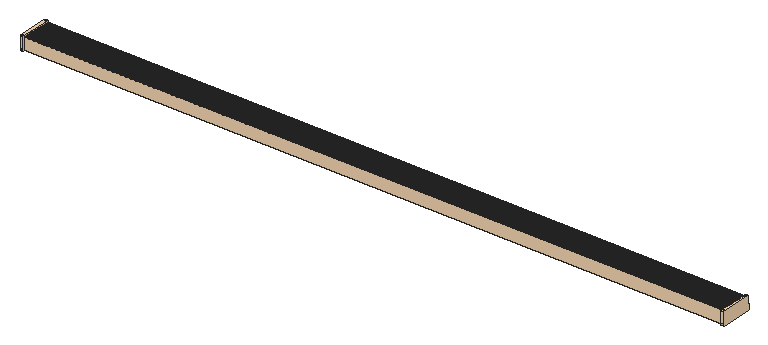
Revit family "Shower-Drain_Cover-KOHLER-Tile-In-K-80649_1", category Specialty Equipment, host Face, Revit 2017
Family settings
  Host = Face
  Round Connector Dimension = Use Diameter
  Part Type = Normal
  OmniClass Number = 23.31.25.00
  Cut with Voids When Loaded = No
  Shared = No
  Room Calculation Point = No
Parameters (values of type "2MB-Vibrant Brushed Moderne Brass")
  Width = 60"  # constant formula
  WaterSense Certified = 1 = 0  # no
  URL = "https://www.us.kohler.com/us/"
  Type = 1
  Product Page URL = "http://www.us.kohler.com/us/catalog/productDetails.jsp?productId=80649"
  Product Name = "TILE-IN"  # constant formula
  Product Documentation Link = "https://www.us.kohler.com/webassets/kpna/catalog/pdf/en/K-80649_spec_US-CA_Kohler_en.pdf"
  Model = if(Type = 1, "K-80649-2MB", if(Type = 2, "K-80649-BL", if(Type = 3, "K-80649-BNK", if(Type = 4, "K-80649-SH", "NA"))))  # "K-80649-2MB"
  Material = "Aluminum"  # constant formula
  Master Format 2014 Name = "Toilet, Bath, and Laundry Accessories"  # constant formula
  Master Format 2014 = "10 28 00"  # constant formula
  Manufacturer Address = "KOHLER Co. 444 Highland Dr. Kohler, WI 53044"  # constant formula
  Manufacturer = "KOHLER Co."  # constant formula
  Length = 2 9/16"  # constant formula
  Height = 1 1/8"  # constant formula
  Finish = Kohler-Metal-2MB-Vibrant_Brushed_Moderne_Brass
  Environmental Product Declaration = ""
  Description = "60 INCH TILE IN MEDIUM LINEAR DRAIN GRID"  # constant formula
  Default Elevation = 0"
  Declare Label = ""
  Date Modified = "04/14/2021"  # constant formula
  Date Created = "04/14/2021"  # constant formula
  Copyright = "Copyright KOHLER Co."  # constant formula
  Contact Us = "https://www.us.kohler.com/us/static/contact.jsp"
  Assembly Code = "C1030200"
  ADA Compliant = 1 = 0  # no
Types (5): name | Type | Model | Finish
  (no name) | 1 | "K-80649-2MB" | Kohler-Metal-2MB-Vibrant_Brushed_Moderne_Brass
  2MB-Vibrant Brushed Moderne Brass | 1 | "K-80649-2MB" | Kohler-Metal-2MB-Vibrant_Brushed_Moderne_Brass
  BL-Matte Black | 2 | "K-80649-BL" | Kohler-Metal-BL-Matte_Black
  BNK-Anodized Brushed Nickel | 3 | "K-80649-BNK" | Kohler-Metal-BNK-Anodized_Brushed_Nickel
  SH-Bright Silver | 4 | "K-80649-SH" | Kohler-Metal-SH-Bright_Silver
Reference planes (in)
  plane 1 "Center (Front/Back)": y = 0
  plane 2: z = 0
  plane 3 "Center (Left/Right)": x = 0
  plane 4: y = 1.28125
  plane 5: y = 1.25
  plane 6: y = -1.28125
  plane 7: y = -1.25
  plane 8: z = -1.125
  plane 9: x = -30
  plane 10: x = 30
Forms (in)
  Extrusion 1, void
    sketch origin (0, 0, 0) x (1, 0, 0) y (0, 1, 0)
      loop
        line (29.75, 1.25) -> (-29.75, 1.25) -> (-29.75, 1.295) -> (-30, 1.295) -> (-30, -1.295) -> (-29.75, -1.295) -> (-29.75, -1.25) -> (29.75, -1.25) -> (29.75, -1.295) -> (30, -1.295) -> (30, 1.295) -> (29.75, 1.295) -> (29.75, 1.25)
    from 0 to -1.15415
Dimensions and locks (in)
  "Length": plane 4 to plane 6
  plane 5 to plane 7 = 2 1/2"
  "Height": level to plane 8
  "Width": plane 9 to plane 10
  aligned and locked: plane 2 to host face
  aligned and locked: level to host face
Automatic sketch dimensions
  host sketch curve to host sketch curve = 96"  (x2)
  plane 5 to Extrusion 1 sketch curve = 0"
  Extrusion 1 sketch curve to plane 7 = 0"
  Extrusion 1 sketch curve to plane 6 = 0.01375"  (x2)
  Extrusion 1 sketch curve to plane 4 = 0.01375"  (x2)
  plane 9 to Extrusion 1 sketch curve = 0"
  Extrusion 1 sketch curve to Extrusion 1 sketch curve = 1/4"  (x3)
  Extrusion 1 sketch curve to plane 10 = 1/4"
  Extrusion 1 sketch curve to Extrusion 1 sketch curve = 0"
Nested families (in)
  nested 1: "K-80649" at (0, 0, 0), type "K-80649"
Definition of nested family "K-80649"
  Parameters (values of type "K-80649")
    Material = none
  Reference planes (in)
    plane 1 "Center (Front/Back)": y = 0
    plane 2: z = 0
    plane 3 "Center (Left/Right)": x = 0
    plane 4: y = 1.28125
    plane 5: y = -1.28125
    plane 6: y = 1.25
    plane 7: y = -1.25
    plane 8: z = -1.125
    plane 9: x = -30
    plane 10: x = 30
    plane 11: x = -17.49981
  Forms (in)
    Extrusion 1, solid, material <- "Material", detail levels medium+fine
      sketch origin (0, 0, 0) x (0, 1, 0) y (0, 0, 1)
        loop
          line (1.13155, -0.05) -> (1.13155, -1.1) -> (1.25, -1.1) -> (1.25, -0.05) -> (1.13155, -0.05)
        loop
          line (-1.15, -1.1) -> (-1.15, -0.05) -> (-1.25, -0.05) -> (-1.25, -1.1) -> (-1.15, -1.1)
        loop
          line (-1.11665, -0.05) -> (-1.11665, -0.11699) -> (-1.05368, -0.11699) -> (-1.05368, -0.05) -> (-1.11665, -0.05)
        loop
          line (-1.02033, -0.05) -> (-1.02033, -0.11699) -> (-0.95736, -0.11699) -> (-0.95736, -0.05) -> (-1.02033, -0.05)
        loop
          line (-0.92401, -0.05) -> (-0.92401, -0.11699) -> (-0.86104, -0.11699) -> (-0.86104, -0.05) -> (-0.92401, -0.05)
        loop
          line (-0.82769, -0.05) -> (-0.82769, -0.11699) -> (-0.76471, -0.11699) -> (-0.76471, -0.05) -> (-0.82769, -0.05)
        loop
          line (-0.73137, -0.05) -> (-0.73137, -0.11699) -> (-0.66839, -0.11699) -> (-0.66839, -0.05) -> (-0.73137, -0.05)
        loop
          line (-0.63505, -0.05) -> (-0.63505, -0.11699) -> (-0.57207, -0.11699) -> (-0.57207, -0.05) -> (-0.63505, -0.05)
        loop
          line (-0.53873, -0.05) -> (-0.53873, -0.11699) -> (-0.47575, -0.11699) -> (-0.47575, -0.05) -> (-0.53873, -0.05)
        loop
          line (-0.44241, -0.05) -> (-0.44241, -0.11699) -> (-0.37943, -0.11699) -> (-0.37943, -0.05) -> (-0.44241, -0.05)
        loop
          line (-0.34608, -0.05) -> (-0.34608, -0.11699) -> (-0.28311, -0.11699) -> (-0.28311, -0.05) -> (-0.34608, -0.05)
        loop
          line (-0.24976, -0.05) -> (-0.24976, -0.11699) -> (-0.18679, -0.11699) -> (-0.18679, -0.05) -> (-0.24976, -0.05)
        loop
          line (-0.15344, -0.05) -> (-0.15344, -0.11699) -> (-0.09047, -0.11699) -> (-0.09047, -0.05) -> (-0.15344, -0.05)
        loop
          line (-0.05712, -0.05) -> (-0.05712, -0.11699) -> (0.00586, -0.11699) -> (0.00586, -0.05) -> (-0.05712, -0.05)
        loop
          line (0.0392, -0.05) -> (0.0392, -0.11699) -> (0.10218, -0.11699) -> (0.10218, -0.05) -> (0.0392, -0.05)
        loop
          line (0.13552, -0.05) -> (0.13552, -0.11699) -> (0.1985, -0.11699) -> (0.1985, -0.05) -> (0.13552, -0.05)
        loop
          line (0.23184, -0.05) -> (0.23184, -0.11699) -> (0.29482, -0.11699) -> (0.29482, -0.05) -> (0.23184, -0.05)
        loop
          line (0.32816, -0.05) -> (0.32816, -0.11699) -> (0.39114, -0.11699) -> (0.39114, -0.05) -> (0.32816, -0.05)
        loop
          line (0.42449, -0.05) -> (0.42449, -0.11699) -> (0.48746, -0.11699) -> (0.48746, -0.05) -> (0.42449, -0.05)
        loop
          line (0.52081, -0.05) -> (0.52081, -0.11699) -> (0.58378, -0.11699) -> (0.58378, -0.05) -> (0.52081, -0.05)
        loop
          line (0.61713, -0.05) -> (0.61713, -0.11699) -> (0.6801, -0.11699) -> (0.6801, -0.05) -> (0.61713, -0.05)
        loop
          line (0.71345, -0.05) -> (0.71345, -0.11699) -> (0.77643, -0.11699) -> (0.77643, -0.05) -> (0.71345, -0.05)
        loop
          line (0.80977, -0.05) -> (0.80977, -0.11699) -> (0.87275, -0.11699) -> (0.87275, -0.05) -> (0.80977, -0.05)
        loop
          line (0.90609, -0.05) -> (0.90609, -0.11699) -> (0.96907, -0.11699) -> (0.96907, -0.05) -> (0.90609, -0.05)
        loop
          line (1.01472, -0.05) -> (1.01472, -0.11699) -> (1.07769, -0.11699) -> (1.07769, -0.05) -> (1.01472, -0.05)
      from -29.75 to 29.75
    Extrusion 2, solid, material <- "Material", detail levels coarse
      sketch origin (0, 0, 0) x (1, 0, 0) y (0, 1, 0)
        loop
          line (-30, 1.295) -> (-30, -1.295) -> (-29.75, -1.295) -> (-29.75, -1.25) -> (29.75, -1.25) -> (29.75, -1.295) -> (30, -1.295) -> (30, 1.295) -> (29.75, 1.295) -> (29.75, 1.25) -> (-29.75, 1.25) -> (-29.75, 1.295) -> (-30, 1.295)
      from -1.14 to 0
    Extrusion 3, void
      sketch origin (0, 0, 0) x (1, 0, 0) y (0, 1, 0)
        loop
          circle (-29.49981, 1.00027) r 0.07522
        loop
          circle (-29.49981, -1.03718) r 0.07522
        loop
          circle (-28.51556, 1.00027) r 0.07522
        loop
          circle (-28.51556, -1.03718) r 0.07522
        loop
          circle (-27.49864, 1.00027) r 0.07522
        loop
          circle (-27.49864, -1.03718) r 0.07522
        loop
          circle (-26.49884, 1.00027) r 0.07522
        loop
          circle (-26.49884, -1.03718) r 0.07522
        loop
          circle (-25.50037, 1.00027) r 0.07522
        loop
          circle (-25.50037, -1.03718) r 0.07522
        loop
          circle (-24.50003, 1.00027) r 0.07522
        loop
          circle (-24.50003, -1.03718) r 0.07522
        loop
          circle (5.49895, 1.00027) r 0.07522
        loop
          circle (5.49895, -1.03718) r 0.07522
        loop
          circle (11.49913, 1.00027) r 0.07522
        loop
          circle (11.49913, -1.03718) r 0.07522
        loop
          circle (17.50103, 1.00027) r 0.07522
        loop
          circle (17.50103, -1.03718) r 0.07522
        loop
          circle (23.50045, 1.00027) r 0.07522
        loop
          circle (23.50045, -1.03718) r 0.07522
        loop
          circle (29.49996, 1.00027) r 0.07522
        loop
          circle (29.49996, -1.03718) r 0.07522
      from -1.38399 to 0.45587
    Extrusion 4, solid, material <- "Material", detail levels medium+fine
      sketch origin (12, 0, 0) x (0, 1, 0) y (0, 0, -1)
        loop
          line (-1.255, 0) -> (1.255, 0)
          arc (1.255, 0) -> (1.28328, 0.01172) -> (1.295, 0.04) r 0.04
          line (1.295, 0.04) -> (1.295, 1.1)
          arc (1.295, 1.1) -> (1.28328, 1.12828) -> (1.255, 1.14) r 0.04
          line (1.255, 1.14) -> (-1.255, 1.14)
          arc (-1.255, 1.14) -> (-1.28328, 1.12828) -> (-1.295, 1.1) r 0.04
          line (-1.295, 1.1) -> (-1.295, 0.04)
          arc (-1.295, 0.04) -> (-1.28328, 0.01172) -> (-1.255, 0) r 0.04
      from -18 to -17.75
    Extrusion 5, solid, material <- "Material", detail levels medium+fine
      sketch origin (-12, 0, 0) x (0, 1, 0) y (0, 0, 1)
        loop
          arc (-1.255, 0) -> (-1.28328, -0.01172) -> (-1.295, -0.04) r 0.04
          line (-1.295, -0.04) -> (-1.295, -1.1)
          arc (-1.295, -1.1) -> (-1.28328, -1.12828) -> (-1.255, -1.14) r 0.04
          line (-1.255, -1.14) -> (1.255, -1.14)
          arc (1.255, -1.14) -> (1.28328, -1.12828) -> (1.295, -1.1) r 0.04
          line (1.295, -1.1) -> (1.295, -0.04)
          arc (1.295, -0.04) -> (1.28328, -0.01172) -> (1.255, 0) r 0.04
          line (1.255, 0) -> (-1.255, 0)
      from -18 to -17.75
  Cuts and joins
    Extrusion 3 cuts Extrusion 1
  Lines and regions (in)
    Masking region 1
      outline origin (0, 0, 0) x (1, 0, 0) y (0, 1, 0)
        loop
          line (-29.75, -1.25) -> (29.75, -1.25) -> (29.75, -1.28125) -> (29.97857, -1.28125)
          arc (29.97857, -1.28125) -> (29.99372, -1.27497) -> (30, -1.25982) r 0.02143
          line (30, -1.25982) -> (30, 1.25982)
          arc (30, 1.25982) -> (29.99372, 1.27497) -> (29.97857, 1.28125) r 0.02143
          line (29.97857, 1.28125) -> (29.75, 1.28125) -> (29.75, 1.25) -> (-29.75, 1.25) -> (-29.75, 1.28125) -> (-29.97857, 1.28125)
          arc (-29.97857, 1.28125) -> (-29.99372, 1.27497) -> (-30, 1.25982) r 0.02143
          line (-30, 1.25982) -> (-30, -1.25982)
          arc (-30, -1.25982) -> (-29.99372, -1.27497) -> (-29.97857, -1.28125) r 0.02143
          line (-29.97857, -1.28125) -> (-29.75, -1.28125) -> (-29.75, -1.25)
    Masking region 2
      outline origin (0, 0, 0) x (1, 0, 0) y (0, 0, 1)
        loop
          line (-29.75, -1.09414) -> (29.75, -1.09414) -> (29.75, -1.125) -> (29.97948, -1.125)
          arc (29.97948, -1.125) -> (29.99399, -1.11899) -> (30, -1.10448) r 0.02052
          line (30, -1.10448) -> (30, -0.02052)
          arc (30, -0.02052) -> (29.99399, -0.00601) -> (29.97948, 0) r 0.02052
          line (29.97948, 0) -> (29.75, 0) -> (29.75, -0.05) -> (-29.75, -0.05) -> (-29.75, 0) -> (-29.97948, 0)
          arc (-29.97948, 0) -> (-29.99399, -0.00601) -> (-30, -0.02052) r 0.02052
          line (-30, -0.02052) -> (-30, -1.10448)
          arc (-30, -1.10448) -> (-29.99399, -1.11899) -> (-29.97948, -1.125) r 0.02052
          line (-29.97948, -1.125) -> (-29.75, -1.125) -> (-29.75, -1.09414)
    Masking region 3
      outline origin (0, 0, 0) x (0, 1, 0) y (0, 0, 1)
        loop
          line (1.28125, -1.08984) -> (1.28125, -0.03451)
          arc (1.28125, -0.03451) -> (1.27114, -0.01011) -> (1.24674, 0) r 0.03451
          line (1.24674, 0) -> (-1.24609, 0)
          arc (-1.24609, 0) -> (-1.27095, -0.0103) -> (-1.28125, -0.03516) r 0.03516
          line (-1.28125, -0.03516) -> (-1.28125, -1.08984)
          arc (-1.28125, -1.08984) -> (-1.27095, -1.1147) -> (-1.24609, -1.125) r 0.03516
          line (-1.24609, -1.125) -> (1.24609, -1.125)
          arc (1.24609, -1.125) -> (1.27095, -1.1147) -> (1.28125, -1.08984) r 0.03516
    symbolic lines, detail levels medium+fine
      curve 1: line (0, 1.24674, -0.01172) -> (0, -1.24609, -0.01172)
      curve 2: arc (0, -1.24609, -0.01172) -> (0, -1.26267, -0.01858) -> (0, -1.26953, -0.03516) r 0.02344
      curve 3: line (0, -1.26953, -1.08984) -> (0, -1.26953, -0.03516)
      curve 4: arc (0, -1.24609, -1.11328) -> (0, -1.26267, -1.10642) -> (0, -1.26953, -1.08984) r 0.02344
      curve 5: line (0, 1.24609, -1.11328) -> (0, -1.24609, -1.11328)
      curve 6: arc (0, 1.26953, -1.08984) -> (0, 1.26267, -1.10642) -> (0, 1.24609, -1.11328) r 0.02344
      curve 7: line (0, 1.26953, -1.08984) -> (0, 1.26953, -0.03451)
      curve 8: arc (0, 1.26953, -0.03451) -> (0, 1.26286, -0.01839) -> (0, 1.24674, -0.01172) r 0.02279
      curve 9: arc (-29.57312, -1.02033, 0) -> (-29.57503, -1.037, 0) -> (-29.57319, -1.05368, 0) r 0.07522
      curve 10: arc (-29.42642, -1.05368, 0) -> (-29.42459, -1.037, 0) -> (-29.4265, -1.02033, 0) r 0.07522
      curve 11: arc (-28.58886, -1.02033, 0) -> (-28.59077, -1.037, 0) -> (-28.58894, -1.05368, 0) r 0.07522
      curve 12: arc (-28.44217, -1.05368, 0) -> (-28.44034, -1.037, 0) -> (-28.44225, -1.02033, 0) r 0.07522
      curve 13: arc (-27.57195, -1.02033, 0) -> (-27.57386, -1.037, 0) -> (-27.57203, -1.05368, 0) r 0.07522
      curve 14: arc (-27.42526, -1.05368, 0) -> (-27.42342, -1.037, 0) -> (-27.42533, -1.02033, 0) r 0.07522
      curve 15: arc (-26.57215, -1.02033, 0) -> (-26.57406, -1.037, 0) -> (-26.57222, -1.05368, 0) r 0.07522
      curve 16: arc (-26.42546, -1.05368, 0) -> (-26.42362, -1.037, 0) -> (-26.42553, -1.02033, 0) r 0.07522
      curve 17: arc (-25.57367, -1.02033, 0) -> (-25.57558, -1.037, 0) -> (-25.57375, -1.05368, 0) r 0.07522
      curve 18: arc (-25.42698, -1.05368, 0) -> (-25.42515, -1.037, 0) -> (-25.42706, -1.02033, 0) r 0.07522
      curve 19: arc (-24.42664, -1.05368, 0) -> (-24.42481, -1.037, 0) -> (-24.42672, -1.02033, 0) r 0.07522
      curve 20: arc (-24.57333, -1.02033, 0) -> (-24.57524, -1.037, 0) -> (-24.57341, -1.05368, 0) r 0.07522
      curve 21: arc (5.57295, -1.02033, 0) -> (5.57451, -1.03704, 0) -> (5.57233, -1.05368, 0) r 0.07522
      curve 22: arc (5.426, -1.02033, 0) -> (5.42409, -1.037, 0) -> (5.42593, -1.05368, 0) r 0.07522
      curve 23: arc (5.4255, 1.01472, 0) -> (5.42461, 0.99147, 0) -> (5.43087, 0.96907, 0) r 0.07522
      curve 24: arc (5.56806, 0.96907, 0) -> (5.57432, 0.99147, 0) -> (5.57344, 1.01472, 0) r 0.07522
      curve 25: arc (-24.43159, 0.96907, 0) -> (-24.42533, 0.99147, 0) -> (-24.42621, 1.01472, 0) r 0.07522
      curve 26: arc (-24.57384, 1.01472, 0) -> (-24.57473, 0.99147, 0) -> (-24.56847, 0.96907, 0) r 0.07522
      curve 27: arc (-25.57418, 1.01472, 0) -> (-25.57507, 0.99147, 0) -> (-25.56881, 0.96907, 0) r 0.07522
      curve 28: arc (-25.43193, 0.96907, 0) -> (-25.42567, 0.99147, 0) -> (-25.42655, 1.01472, 0) r 0.07522
      curve 29: arc (-26.57073, 1.0224, 0) -> (-26.5739, 0.99542, 0) -> (-26.56728, 0.96907, 0) r 0.07522
      curve 30: arc (-26.4304, 0.96907, 0) -> (-26.42414, 0.99147, 0) -> (-26.42502, 1.01472, 0) r 0.07522
      curve 31: arc (-27.57246, 1.01472, 0) -> (-27.57334, 0.99147, 0) -> (-27.56708, 0.96907, 0) r 0.07522
      curve 32: arc (-27.4302, 0.96907, 0) -> (-27.42394, 0.99147, 0) -> (-27.42482, 1.01472, 0) r 0.07522
      curve 33: arc (-28.58937, 1.01472, 0) -> (-28.59026, 0.99147, 0) -> (-28.584, 0.96907, 0) r 0.07522
      curve 34: arc (-28.44712, 0.96907, 0) -> (-28.44086, 0.99147, 0) -> (-28.44174, 1.01472, 0) r 0.07522
      curve 35: arc (-29.57363, 1.01472, 0) -> (-29.57451, 0.99147, 0) -> (-29.56825, 0.96907, 0) r 0.07522
      curve 36: arc (-29.43137, 0.96907, 0) -> (-29.42511, 0.99147, 0) -> (-29.42599, 1.01472, 0) r 0.07522
      curve 37: line (-29.75, -1.25, 0) -> (-29.75, 1.255, 0)
      curve 38: arc (11.42583, -1.02033, 0) -> (11.42392, -1.037, 0) -> (11.42575, -1.05368, 0) r 0.07522
      curve 39: arc (11.57252, -1.05368, 0) -> (11.57435, -1.037, 0) -> (11.57244, -1.02033, 0) r 0.07522
      curve 40: arc (17.42773, -1.02033, 0) -> (17.42582, -1.037, 0) -> (17.42765, -1.05368, 0) r 0.07522
      curve 41: arc (17.57442, -1.05368, 0) -> (17.57625, -1.037, 0) -> (17.57434, -1.02033, 0) r 0.07522
      curve 42: arc (23.42715, -1.02033, 0) -> (23.42524, -1.037, 0) -> (23.42707, -1.05368, 0) r 0.07522
      curve 43: arc (23.57384, -1.05368, 0) -> (23.57567, -1.037, 0) -> (23.57376, -1.02033, 0) r 0.07522
      curve 44: arc (29.42666, -1.02033, 0) -> (29.42475, -1.037, 0) -> (29.42658, -1.05368, 0) r 0.07522
      curve 45: arc (29.57335, -1.05368, 0) -> (29.57518, -1.037, 0) -> (29.57327, -1.02033, 0) r 0.07522
      curve 46: arc (29.42615, 1.01472, 0) -> (29.42526, 0.99147, 0) -> (29.43152, 0.96907, 0) r 0.07522
      curve 47: arc (29.5684, 0.96907, 0) -> (29.57466, 0.99147, 0) -> (29.57378, 1.01472, 0) r 0.07522
      curve 48: arc (23.42664, 1.01472, 0) -> (23.42575, 0.99147, 0) -> (23.43201, 0.96907, 0) r 0.07522
      curve 49: arc (23.56889, 0.96907, 0) -> (23.57515, 0.99147, 0) -> (23.57427, 1.01472, 0) r 0.07522
      curve 50: arc (17.42722, 1.01472, 0) -> (17.42633, 0.99147, 0) -> (17.43259, 0.96907, 0) r 0.07522
      curve 51: arc (17.56947, 0.96907, 0) -> (17.57573, 0.99147, 0) -> (17.57485, 1.01472, 0) r 0.07522
      curve 52: arc (11.42532, 1.01472, 0) -> (11.42443, 0.99147, 0) -> (11.43069, 0.96907, 0) r 0.07522
      curve 53: arc (11.56757, 0.96907, 0) -> (11.57383, 0.99147, 0) -> (11.57295, 1.01472, 0) r 0.07522
      curve 54: line (29.75, 1.25, 0) -> (29.75, -1.255, 0)
      curve 55: line (-29.75, 0, -0.05) -> (-29.75, 0, -1.09414)
      curve 56: line (-29.97948, 0, -1.125) -> (-29.97948, 0, 0)
      curve 57: line (29.75, 0, -0.04) -> (29.75, 0, -1.09414)
      curve 58: line (29.97948, 0, 0) -> (29.97948, 0, -1.125)
      curve 59: line (-29.75, 1.13155, 0) -> (29.75, 1.13155, 0)
      curve 60: line (29.75, 1.07769, 0) -> (-29.75, 1.07769, 0)
      curve 61: line (-29.75, 0.90609, 0) -> (29.75, 0.90609, 0)
      curve 62: line (29.75, 0.87275, 0) -> (-29.75, 0.87275, 0)
      curve 63: line (-29.75, 0.80977, 0) -> (29.75, 0.80977, 0)
      curve 64: line (29.75, 0.77643, 0) -> (-29.75, 0.77643, 0)
      curve 65: line (-29.75, 0.71345, 0) -> (29.75, 0.71345, 0)
      curve 66: line (29.75, 0.6801, 0) -> (-29.75, 0.6801, 0)
      curve 67: line (29.75, 0.58378, 0) -> (-29.75, 0.58378, 0)
      curve 68: line (-29.75, 0.61713, 0) -> (29.75, 0.61713, 0)
      curve 69: line (29.75, 0.48746, 0) -> (-29.75, 0.48746, 0)
      curve 70: line (-29.75, 0.52081, 0) -> (29.75, 0.52081, 0)
      curve 71: line (-29.75, 0.42449, 0) -> (29.75, 0.42449, 0)
      curve 72: line (29.75, 0.39114, 0) -> (-29.75, 0.39114, 0)
      curve 73: line (29.75, 0.29482, 0) -> (-29.75, 0.29482, 0)
      curve 74: line (-29.75, 0.32816, 0) -> (29.75, 0.32816, 0)
      curve 75: line (-29.75, 0.23184, 0) -> (29.75, 0.23184, 0)
      curve 76: line (29.75, 0.1985, 0) -> (-29.75, 0.1985, 0)
      curve 77: line (-29.75, 0.13552, 0) -> (29.75, 0.13552, 0)
      curve 78: line (29.75, 0.10218, 0) -> (-29.75, 0.10218, 0)
      curve 79: line (-29.75, 0.0392, 0) -> (29.75, 0.0392, 0)
      curve 80: line (29.75, 0.00586, 0) -> (-29.75, 0.00586, 0)
      curve 81: line (-29.75, -0.05712, 0) -> (29.75, -0.05712, 0)
      curve 82: line (29.75, -0.09047, 0) -> (-29.75, -0.09047, 0)
      curve 83: line (-29.75, -0.15344, 0) -> (29.75, -0.15344, 0)
      curve 84: line (29.75, -0.18679, 0) -> (-29.75, -0.18679, 0)
      curve 85: line (-29.75, -0.24976, 0) -> (29.75, -0.24976, 0)
      curve 86: line (29.75, -0.28311, 0) -> (-29.75, -0.28311, 0)
      curve 87: line (-29.75, -0.34608, 0) -> (29.75, -0.34608, 0)
      curve 88: line (29.75, -0.37943, 0) -> (-29.75, -0.37943, 0)
      curve 89: line (-29.75, -0.44241, 0) -> (29.75, -0.44241, 0)
      curve 90: line (29.75, -0.47575, 0) -> (-29.75, -0.47575, 0)
      curve 91: line (-29.75, -0.53873, 0) -> (29.75, -0.53873, 0)
      curve 92: line (29.75, -0.57207, 0) -> (-29.75, -0.57207, 0)
      curve 93: line (-29.75, -0.63505, 0) -> (29.75, -0.63505, 0)
      curve 94: line (29.75, -0.66839, 0) -> (-29.75, -0.66839, 0)
      curve 95: line (-29.75, -0.73137, 0) -> (29.75, -0.73137, 0)
      curve 96: line (29.75, -0.76471, 0) -> (-29.75, -0.76471, 0)
      curve 97: line (29.75, -1.15, 0) -> (-29.75, -1.15, 0)
      curve 98: line (-29.75, -1.11665, 0) -> (29.75, -1.11665, 0)
      curve 99: line (-29.75, -0.92401, 0) -> (29.75, -0.92401, 0)
      curve 100: line (29.75, -0.86104, 0) -> (-29.75, -0.86104, 0)
      curve 101: line (-29.75, -0.82769, 0) -> (29.75, -0.82769, 0)
      curve 102: line (-24.42621, 1.01472, 0) -> (-0.30838, 1.01472, 0)
      curve 103: line (-24.42672, -1.02033, 0) -> (-0.41048, -1.02033, 0)
      curve 104: line (-4.57414, -0.95736, 0) -> (-29.75, -0.95736, 0)
      curve 105: line (-0.41932, -1.05368, 0) -> (-24.42664, -1.05368, 0)
      curve 106: line (-0.34775, 0.96907, 0) -> (-24.43159, 0.96907, 0)
      curve 107: line (-29.75, 1.01472, 0) -> (-29.57363, 1.01472, 0)
      curve 108: line (-29.75, -1.02033, 0) -> (-29.57312, -1.02033, 0)
      curve 109: line (-29.75, -1.15, 0) -> (-29.75, -1.11665, 0)
      curve 110: line (-29.75, 1.07769, 0) -> (-29.75, 1.13155, 0)
      curve 111: line (-29.75, 0.96907, 0) -> (-29.75, 1.01472, 0)
      curve 112: line (-29.75, 0.87275, 0) -> (-29.75, 0.90609, 0)
      curve 113: line (-29.75, 0.77643, 0) -> (-29.75, 0.80977, 0)
      curve 114: line (-29.75, 0.6801, 0) -> (-29.75, 0.71345, 0)
      curve 115: line (-29.75, 0.58378, 0) -> (-29.75, 0.61713, 0)
      curve 116: line (-29.75, 0.48746, 0) -> (-29.75, 0.52081, 0)
      curve 117: line (-29.75, 0.39114, 0) -> (-29.75, 0.42449, 0)
      curve 118: line (-29.75, 0.29482, 0) -> (-29.75, 0.32816, 0)
      curve 119: line (-29.75, 0.1985, 0) -> (-29.75, 0.23184, 0)
      curve 120: line (-29.75, 0.10218, 0) -> (-29.75, 0.13552, 0)
      curve 121: line (-29.75, 0.00586, 0) -> (-29.75, 0.0392, 0)
      curve 122: line (-29.75, -0.09047, 0) -> (-29.75, -0.05712, 0)
      curve 123: line (-29.75, -0.18679, 0) -> (-29.75, -0.15344, 0)
      curve 124: line (-29.75, -0.28311, 0) -> (-29.75, -0.24976, 0)
      curve 125: line (-29.75, -0.37943, 0) -> (-29.75, -0.34608, 0)
      curve 126: line (-29.75, -0.47575, 0) -> (-29.75, -0.44241, 0)
      curve 127: line (-29.75, -0.57207, 0) -> (-29.75, -0.53873, 0)
      curve 128: line (-29.75, -0.66839, 0) -> (-29.75, -0.63505, 0)
      curve 129: line (-29.75, -0.76471, 0) -> (-29.75, -0.73137, 0)
      curve 130: line (-29.75, -0.86104, 0) -> (-29.75, -0.82769, 0)
      curve 131: line (-29.75, -0.95736, 0) -> (-29.75, -0.92401, 0)
      curve 132: line (-29.75, -1.05368, 0) -> (-29.75, -1.02033, 0)
      curve 133: arc (-29.56825, 0.96907, 0) -> (-29.49981, 0.92505, 0) -> (-29.43137, 0.96907, 0) r 0.07522
      curve 134: arc (-29.42599, 1.01472, 0) -> (-29.49981, 1.07549, 0) -> (-29.57363, 1.01472, 0) r 0.07522
      curve 135: arc (-28.584, 0.96907, 0) -> (-28.51556, 0.92505, 0) -> (-28.44712, 0.96907, 0) r 0.07522
      curve 136: arc (-28.44174, 1.01472, 0) -> (-28.51556, 1.07549, 0) -> (-28.58937, 1.01472, 0) r 0.07522
      curve 137: arc (-29.57319, -1.05368, 0) -> (-29.49981, -1.11239, 0) -> (-29.42642, -1.05368, 0) r 0.07522
      curve 138: arc (-29.4265, -1.02033, 0) -> (-29.49981, -0.96196, 0) -> (-29.57312, -1.02033, 0) r 0.07522
      curve 139: arc (-28.58894, -1.05368, 0) -> (-28.51556, -1.11239, 0) -> (-28.44217, -1.05368, 0) r 0.07522
      curve 140: arc (-28.44225, -1.02033, 0) -> (-28.51556, -0.96196, 0) -> (-28.58886, -1.02033, 0) r 0.07522
      curve 141: arc (-27.42482, 1.01472, 0) -> (-27.49864, 1.07549, 0) -> (-27.57246, 1.01472, 0) r 0.07522
      curve 142: arc (-27.56708, 0.96907, 0) -> (-27.49864, 0.92505, 0) -> (-27.4302, 0.96907, 0) r 0.07522
      curve 143: arc (-26.42502, 1.01472, 0) -> (-26.49884, 1.07549, 0) -> (-26.57266, 1.01472, 0) r 0.07522
      curve 144: arc (-26.56728, 0.96907, 0) -> (-26.49884, 0.92505, 0) -> (-26.4304, 0.96907, 0) r 0.07522
      curve 145: arc (-24.42621, 1.01472, 0) -> (-24.50003, 1.07549, 0) -> (-24.57384, 1.01472, 0) r 0.07522
      curve 146: arc (-24.56847, 0.96907, 0) -> (-24.50003, 0.92505, 0) -> (-24.43159, 0.96907, 0) r 0.07522
      curve 147: arc (-25.56881, 0.96907, 0) -> (-25.50037, 0.92505, 0) -> (-25.43193, 0.96907, 0) r 0.07522
      curve 148: arc (-25.42655, 1.01472, 0) -> (-25.50037, 1.07549, 0) -> (-25.57418, 1.01472, 0) r 0.07522
      curve 149: arc (-27.57203, -1.05368, 0) -> (-27.49864, -1.11239, 0) -> (-27.42526, -1.05368, 0) r 0.07522
      curve 150: arc (-27.42533, -1.02033, 0) -> (-27.49864, -0.96196, 0) -> (-27.57195, -1.02033, 0) r 0.07522
      curve 151: arc (-26.57222, -1.05368, 0) -> (-26.49884, -1.11239, 0) -> (-26.42546, -1.05368, 0) r 0.07522
      curve 152: arc (-26.42553, -1.02033, 0) -> (-26.49884, -0.96196, 0) -> (-26.57215, -1.02033, 0) r 0.07522
      curve 153: arc (-25.57375, -1.05368, 0) -> (-25.50037, -1.11239, 0) -> (-25.42698, -1.05368, 0) r 0.07522
      curve 154: arc (-25.42706, -1.02033, 0) -> (-25.50037, -0.96196, 0) -> (-25.57367, -1.02033, 0) r 0.07522
      curve 155: arc (-24.57341, -1.05368, 0) -> (-24.50003, -1.11239, 0) -> (-24.42664, -1.05368, 0) r 0.07522
      curve 156: arc (-24.42672, -1.02033, 0) -> (-24.50003, -0.96196, 0) -> (-24.57333, -1.02033, 0) r 0.07522
      curve 157: line (-29.42599, 1.01472, 0) -> (-28.58937, 1.01472, 0)
      curve 158: line (-29.56825, 0.96907, 0) -> (-29.75, 0.96907, 0)
      curve 159: line (-28.44174, 1.01472, 0) -> (-27.57246, 1.01472, 0)
      curve 160: line (-28.584, 0.96907, 0) -> (-29.43137, 0.96907, 0)
      curve 161: line (-27.42482, 1.01472, 0) -> (-26.57266, 1.01472, 0)
      curve 162: line (-27.56708, 0.96907, 0) -> (-28.44712, 0.96907, 0)
      curve 163: line (-26.42502, 1.01472, 0) -> (-25.57418, 1.01472, 0)
      curve 164: line (-26.56728, 0.96907, 0) -> (-27.4302, 0.96907, 0)
      curve 165: line (-25.42655, 1.01472, 0) -> (-24.57384, 1.01472, 0)
      curve 166: line (-25.56881, 0.96907, 0) -> (-26.4304, 0.96907, 0)
      curve 167: line (-24.56847, 0.96907, 0) -> (-25.43193, 0.96907, 0)
      curve 168: line (-24.57341, -1.05368, 0) -> (-25.42698, -1.05368, 0)
      curve 169: line (-25.42706, -1.02033, 0) -> (-24.57333, -1.02033, 0)
      curve 170: line (-25.57375, -1.05368, 0) -> (-26.42546, -1.05368, 0)
      curve 171: line (-26.42553, -1.02033, 0) -> (-25.57367, -1.02033, 0)
      curve 172: line (-26.57222, -1.05368, 0) -> (-27.42526, -1.05368, 0)
      curve 173: line (-27.42533, -1.02033, 0) -> (-26.57215, -1.02033, 0)
      curve 174: line (-27.57203, -1.05368, 0) -> (-28.44217, -1.05368, 0)
      curve 175: line (-28.44225, -1.02033, 0) -> (-27.57195, -1.02033, 0)
      curve 176: line (-28.58894, -1.05368, 0) -> (-29.42642, -1.05368, 0)
      curve 177: line (-29.4265, -1.02033, 0) -> (-28.58886, -1.02033, 0)
      curve 178: line (-29.57319, -1.05368, 0) -> (-29.75, -1.05368, 0)
      curve 179: line (29.43152, 0.96907, 0) -> (23.56889, 0.96907, 0)
      curve 180: line (29.42657, -1.05368, 0) -> (23.57384, -1.05368, 0)
      curve 181: line (29.75, -0.95736, 0) -> (-4.57414, -0.95736, 0)
      curve 182: line (29.75, -1.15, 0) -> (29.75, -1.11665, 0)
      curve 183: line (29.75, 1.07769, 0) -> (29.75, 1.13155, 0)
      curve 184: line (29.75, 0.96907, 0) -> (29.75, 1.01472, 0)
      curve 185: line (29.75, 0.87275, 0) -> (29.75, 0.90609, 0)
      curve 186: line (29.75, 0.77643, 0) -> (29.75, 0.80977, 0)
      curve 187: line (29.75, 0.6801, 0) -> (29.75, 0.71345, 0)
      curve 188: line (29.75, 0.58378, 0) -> (29.75, 0.61713, 0)
      curve 189: line (29.75, 0.48746, 0) -> (29.75, 0.52081, 0)
      curve 190: line (29.75, 0.39114, 0) -> (29.75, 0.42449, 0)
      curve 191: line (29.75, 0.29482, 0) -> (29.75, 0.32816, 0)
      curve 192: line (29.75, 0.1985, 0) -> (29.75, 0.23184, 0)
      curve 193: line (29.75, 0.10218, 0) -> (29.75, 0.13552, 0)
      curve 194: line (29.75, 0.00586, 0) -> (29.75, 0.0392, 0)
      curve 195: line (29.75, -0.09047, 0) -> (29.75, -0.05712, 0)
      curve 196: line (29.75, -0.18679, 0) -> (29.75, -0.15344, 0)
      curve 197: line (29.75, -0.28311, 0) -> (29.75, -0.24976, 0)
      curve 198: line (29.75, -0.37943, 0) -> (29.75, -0.34608, 0)
      curve 199: line (29.75, -0.47575, 0) -> (29.75, -0.44241, 0)
      curve 200: line (29.75, -0.57207, 0) -> (29.75, -0.53873, 0)
      curve 201: line (29.75, -0.66839, 0) -> (29.75, -0.63505, 0)
      curve 202: line (29.75, -0.76471, 0) -> (29.75, -0.73137, 0)
      curve 203: line (29.75, -0.86104, 0) -> (29.75, -0.82769, 0)
      curve 204: line (29.75, -0.95736, 0) -> (29.75, -0.92401, 0)
      curve 205: line (29.75, -1.05368, 0) -> (29.75, -1.02033, 0)
      curve 206: arc (5.57344, 1.01472, 0) -> (5.49962, 1.07549, 0) -> (5.42581, 1.01472, 0) r 0.07522
      curve 207: arc (5.43118, 0.96907, 0) -> (5.49962, 0.92505, 0) -> (5.56806, 0.96907, 0) r 0.07522
      curve 208: arc (11.57534, 1.01472, 0) -> (11.50152, 1.07549, 0) -> (11.4277, 1.01472, 0) r 0.07522
      curve 209: arc (11.43308, 0.96907, 0) -> (11.50152, 0.92505, 0) -> (11.56996, 0.96907, 0) r 0.07522
      curve 210: arc (17.57476, 1.01472, 0) -> (17.50094, 1.07549, 0) -> (17.42713, 1.01472, 0) r 0.07522
      curve 211: arc (17.4325, 0.96907, 0) -> (17.50094, 0.92505, 0) -> (17.56938, 0.96907, 0) r 0.07522
      curve 212: arc (23.43201, 0.96907, 0) -> (23.50045, 0.92505, 0) -> (23.56889, 0.96907, 0) r 0.07522
      curve 213: arc (23.57427, 1.01472, 0) -> (23.50045, 1.07549, 0) -> (23.42663, 1.01472, 0) r 0.07522
      curve 214: arc (23.42707, -1.05368, 0) -> (23.50045, -1.11239, 0) -> (23.57384, -1.05368, 0) r 0.07522
      curve 215: arc (23.57376, -1.02033, 0) -> (23.50045, -0.96196, 0) -> (23.42714, -1.02033, 0) r 0.07522
      curve 216: arc (17.42756, -1.05368, 0) -> (17.50094, -1.11239, 0) -> (17.57433, -1.05368, 0) r 0.07522
      curve 217: arc (17.57425, -1.02033, 0) -> (17.50094, -0.96196, 0) -> (17.42764, -1.02033, 0) r 0.07522
      curve 218: arc (11.42814, -1.05368, 0) -> (11.50152, -1.11239, 0) -> (11.57491, -1.05368, 0) r 0.07522
      curve 219: arc (11.57483, -1.02033, 0) -> (11.50152, -0.96196, 0) -> (11.42821, -1.02033, 0) r 0.07522
      curve 220: arc (5.42624, -1.05368, 0) -> (5.49962, -1.11239, 0) -> (5.57301, -1.05368, 0) r 0.07522
      curve 221: arc (5.57293, -1.02033, 0) -> (5.49962, -0.96196, 0) -> (5.42632, -1.02033, 0) r 0.07522
      curve 222: line (23.42707, -1.05368, 0) -> (17.57433, -1.05368, 0)
      curve 223: line (23.57376, -1.02033, 0) -> (29.42665, -1.02033, 0)
      curve 224: line (17.42756, -1.05368, 0) -> (11.57491, -1.05368, 0)
      curve 225: line (17.57425, -1.02033, 0) -> (23.42714, -1.02033, 0)
      curve 226: line (11.42814, -1.05368, 0) -> (5.57301, -1.05368, 0)
      curve 227: line (11.57483, -1.02033, 0) -> (17.42764, -1.02033, 0)
      curve 228: line (5.42624, -1.05368, 0) -> (-0.41932, -1.05368, 0)
      curve 229: line (5.57293, -1.02033, 0) -> (11.42821, -1.02033, 0)
      curve 230: line (-0.41048, -1.02033, 0) -> (5.42632, -1.02033, 0)
      curve 231: line (23.43201, 0.96907, 0) -> (17.56938, 0.96907, 0)
      curve 232: line (23.57427, 1.01472, 0) -> (29.42614, 1.01472, 0)
      curve 233: line (17.4325, 0.96907, 0) -> (11.56996, 0.96907, 0)
      curve 234: line (17.57476, 1.01472, 0) -> (23.42663, 1.01472, 0)
      curve 235: line (11.43308, 0.96907, 0) -> (5.56806, 0.96907, 0)
      curve 236: line (11.57534, 1.01472, 0) -> (17.42713, 1.01472, 0)
      curve 237: line (5.43118, 0.96907, 0) -> (-0.34775, 0.96907, 0)
      curve 238: line (5.57344, 1.01472, 0) -> (11.4277, 1.01472, 0)
      curve 239: line (-0.30838, 1.01472, 0) -> (5.42581, 1.01472, 0)
      curve 240: arc (29.43152, 0.96907, 0) -> (29.49996, 0.92505, 0) -> (29.5684, 0.96907, 0) r 0.07522
      curve 241: arc (29.57378, 1.01472, 0) -> (29.49996, 1.07549, 0) -> (29.42614, 1.01472, 0) r 0.07522
      curve 242: arc (29.42657, -1.05368, 0) -> (29.49996, -1.11239, 0) -> (29.57334, -1.05368, 0) r 0.07522
      curve 243: arc (29.57327, -1.02033, 0) -> (29.49996, -0.96196, 0) -> (29.42665, -1.02033, 0) r 0.07522
      curve 244: line (29.57378, 1.01472, 0) -> (29.75, 1.01472, 0)
      curve 245: line (29.5684, 0.96907, 0) -> (29.75, 0.96907, 0)
      curve 246: line (29.57334, -1.05368, 0) -> (29.75, -1.05368, 0)
      curve 247: line (29.57327, -1.02033, 0) -> (29.75, -1.02033, 0)
  Dimensions and locks (in)
    plane 4 to plane 5 = 2 9/16"
    plane 6 to plane 7 = 2 1/2"
    level to plane 8 = 1 1/8"
    plane 9 to plane 3 "Center (Left/Right)" = 30"
    plane 3 "Center (Left/Right)" to plane 10 = 30"
    aligned and locked: plane 2 to level
